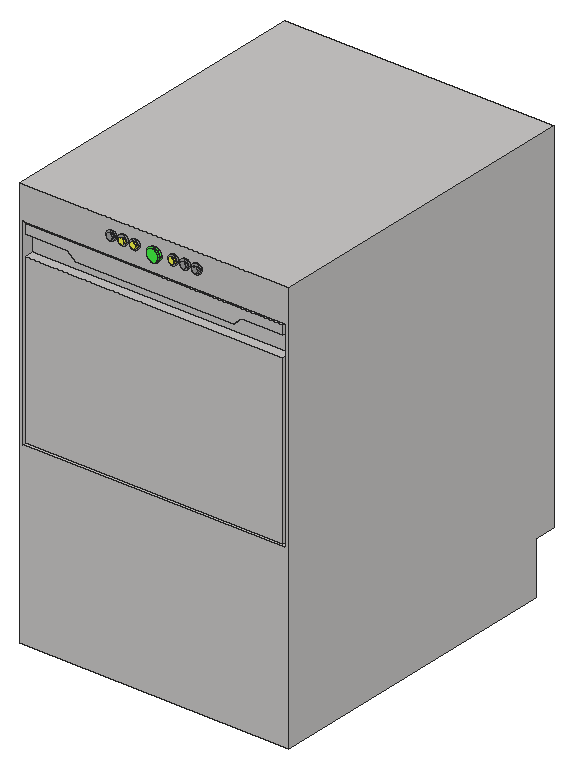
Revit family "QF_ZANUSSI_402206_ZSIG", category Specialty Equipment, Revit 2018
Family settings
  Round Connector Dimension = Use Diameter
  Part Type = Normal
  Work Plane-Based = No
  Always vertical = Yes
  Cut with Voids When Loaded = No
  Shared = No
  Room Calculation Point = No
Parameters (values of type "Standard")
  Weight = 37.00 kg
  Watts = 0 W
  Volts = 230 V
  URL Manufacturer = "http://professional.electrolux.com"
  URL = "http://professional.electrolux.com"
  Steam Supply Size = 0 mm
  Steam Supply Minimum Pressure = 0.0 Pa
  Steam Supply Maximum Pressure = 0.0 Pa
  Steam Pounds per Hour = 0
  Show Logo [instance] = yes
  Show Clearance [instance] = yes
  Refrigeration Suction Line Size = 0 mm
  Refrigeration Liquid Line Size = 0 mm
  Refrigerant Compressor Remote = yes
  Manufacturer = "Electrolux Professional"
  Phase = 1
  Model = "ESIG"
  Length Actual = 460 mm  # constant formula
  Item Number = "402202"
  Hot Water Size = 0 mm
  Height Actual = 715 mm  # constant formula
  HP = "3.1 HP"
  Gas Size = 0 mm
  Gas KW = 0
  Gas Input Pressure = 0 W
  Direct Waste Size = 27 mm
  Description = "GLASSWASHER(S) DOUBLE SKIN, DRAIN PUMP, DETERGENT DISPENSER, 30B/H"
  Depth Actual = 565 mm  # constant formula
  Cycle = 50 Hz
  Condensate Return Size = 0 mm
  Compressed Air Volume = 0.0 L/s
  Compressed Air Size = 0 mm
  Compressed Air Pressure = 0.0 Pa
  Cold Water Size = 19.05 mm
  Accessory = yes
Types (2, lengths in mm): name | URL | Manufacturer | Phase | Model | Description | Cold Water Size
  (no name) | "http://professional.electrolux.com/" | 0 | 0 | 0 | 0 | 0
  Standard | "http://professional.electrolux.com" | "Electrolux Professional" | 1 | "ESIG" | "GLASSWASHER(S) DOUBLE SKIN, DRAIN PUMP, DETERGENT DISPENSER, 30B/H" | 19.05
Values of the unnamed type that differ from the named types
  Volts = 0 V
  URL Manufacturer = ""
  Item Number = ""
  Cycle = 0 Hz
Reference planes
  plane 1 "Center (Front/Back)": y = 0
  plane 2: z = 0
  plane 3 "Center (Left/Right)": x = 0
  plane 4 "LEFT": x = -230
  plane 5 "RIGHT": x = 230
  plane 6 "FRONT": y = -282.5
  plane 7 "BACK": y = 282.5
  plane 8: x = -202.5
  plane 9: x = 202.5
  plane 10: z = 715
  plane 11: z = 10
Forms (mm)
  Extrusion 1, solid, material "QF_Finishes_Stainless Steel"
    sketch origin (0, 0, 0) x (1, 0, 0) y (0, 1, 0)
      loop
        line (-230, -282.5) -> (230, -282.5) -> (230, 243.5) -> (-230, 243.5) -> (-230, -282.5)
    from 10 to 715
  Extrusion 2, solid, material "QF_Finishes_Stainless Steel"
    sketch origin (0, 0, 0) x (1, 0, 0) y (0, 1, 0)
      loop
        line (-230, 243.5) -> (230, 243.5) -> (230, 282.5) -> (-230, 282.5) -> (-230, 243.5)
    from 100 to 715
  Extrusion 3, solid, material "QF_Finishes_Stainless Steel"
    sketch origin (0, 0, 0) x (1, 0, 0) y (0, 1, 0)
      loop
        circle (-202.5, 184.5) r 12.5
      loop
        circle (202.5, 184.5) r 12.5
      loop
        circle (-202.5, -235.5) r 12.5
      loop
        circle (202.5, -235.5) r 12.5
    from 0 to 10
  Extrusion 4, void
    sketch origin (-230, -282.5, 0) x (-1, 0, 0) y (0, 0, 1)
      loop
        line (-5, 658.217) -> (-455, 658.217) -> (-455, 315) -> (-5, 315) -> (-5, 658.217)
    from 0 to 30
  Extrusion 5, solid, material "QF_Finishes_Stainless Steel"
    sketch origin (-53, -392, 738) x (0, 0, -1) y (1, 0, 0)
      loop
        circle (693, 213) r 10
    from -635.5 to -674.5
  Extrusion 6, solid, material "QF_Door-Drawer Clearances", visible <- "Show Clearance", detail levels coarse
    sketch origin (-230, -282.5, 0) x (0, 1, 0) y (0, 0, -1)
      loop
        line (0, -315) -> (-315, -315)
        arc (-315, -315) -> (-223.2, -545.869) -> (0, -655) r 344.605
        line (0, -655) -> (0, -315)
    from -10 to -450
  Extrusion 7, solid, material "QF_Finishes_Stainless Steel"
    sketch origin (-242.481, -392, 738) x (0, 0, -1) y (1, 0, 0)
      loop
        circle (663, 322.481) r 8
    from -635.5 to -674.5
  Extrusion 8, solid, material "QF_Finishes_Green"
    sketch origin (234, -282.5, -28.75) x (-1, 0, 0) y (0, 0, -1)
      loop
        circle (234, -714.569) r 10
    from 0 to 5
  Extrusion 9, solid, material "QF_Finishes_Gray"
    sketch origin (234, -282.5, -24.375) x (-1, 0, 0) y (0, 0, -1)
      loop
        circle (306.936, -713.972) r 5
    from 0 to 5
  Extrusion 10, solid, material "QF_Finishes_Stainless Steel"
    sketch origin (-230, -282.5, 0) x (0, 1, 0) y (0, 0, -1)
      loop
        line (0, -319.622) -> (0, -605) -> (15, -605) -> (15, -655) -> (25, -655) -> (25, -319.622) -> (0, -319.622)
    from -10 to -450
  Extrusion 11, solid, material "QF_Finishes_Stainless Steel"
    sketch origin (-230, -282.5, 0) x (0, 1, 0) y (0, 0, -1)
      loop
        line (15, -655) -> (15, -652.514) -> (2.5, -652.514) -> (2.5, -626.25) -> (0, -626.25) -> (0, -655) -> (15, -655)
    from -10 to -450
  Extrusion 12, void
    sketch origin (-230, -282.5, 655) x (0, 0, 1) y (1, 0, 0)
      loop
        line (-15.552, 10) -> (-15.552, 81.607) -> (-28.75, 94.804) -> (-28.75, 10) -> (-15.552, 10)
      loop
        line (-15.552, 450) -> (-28.75, 450) -> (-28.75, 365.196) -> (-15.552, 378.393) -> (-15.552, 450)
    from 0 to 2.5
  Extrusion 13, solid, material "QF_Finishes_Stainless Steel"
    sketch origin (-328, -392, 738) x (0, 0, -1) y (1, 0, 0)
      loop
        circle (663, 228) r 8
    from -635.5 to -674.5
  Extrusion 14, solid, material "QF_Finishes_Green"
    sketch origin (-230, -282.5, 0) x (1, 0, 0) y (0, 0, 1)
      loop
        circle (230, 685.819) r 12
      loop
        circle (230, 685.819) r 10
    from 0 to 2.5
  Extrusion 15, solid, material "QF_Finishes_Gray"
    sketch origin (-210, -282.5, -28.75) x (1, 0, 0) y (0, 0, 1)
      loop
        circle (262.936, 718.347) r 8
      loop
        circle (262.936, 718.347) r 5
      loop
        circle (242.936, 718.347) r 8
      loop
        circle (242.936, 718.347) r 5
      loop
        circle (282.936, 718.347) r 8
      loop
        circle (282.936, 718.347) r 5
    from 0 to 2.5
  Extrusion 16, solid, material "QF_Finishes_Gray"
    sketch origin (-234, -282.5, -24.375) x (1, 0, 0) y (0, 0, 1)
      loop
        circle (286.936, 713.972) r 5
      loop
        circle (306.936, 713.972) r 5
    from 0 to 5
  Extrusion 17, solid, material "QF_Finishes_Gray"
    sketch origin (210, -282.5, -28.75) x (-1, 0, 0) y (0, 0, -1)
      loop
        circle (262.936, -718.347) r 8
      loop
        circle (262.936, -718.347) r 5
      loop
        circle (242.936, -718.347) r 8
      loop
        circle (242.936, -718.347) r 5
      loop
        circle (282.936, -718.347) r 8
      loop
        circle (282.936, -718.347) r 5
    from 0 to 2.5
  Extrusion 18, solid, material "QF_Finishes_Yellow"
    sketch origin (254, -282.5, -24.375) x (-1, 0, 0) y (0, 0, -1)
      loop
        circle (306.936, -713.972) r 5
    from 0 to 5
  Extrusion 19, solid, material "QF_Finishes_Yellow"
    sketch origin (274, -282.5, -24.375) x (-1, 0, 0) y (0, 0, -1)
      loop
        circle (306.936, -713.972) r 5
    from 0 to 5
  Extrusion 20, solid, material "QF_Finishes_Yellow"
    sketch origin (339.871, -282.5, -24.375) x (-1, 0, 0) y (0, 0, -1)
      loop
        circle (306.936, -713.972) r 5
    from 0 to 5
Cuts and joins
  Extrusion 4 cuts Extrusion 1
  joined: Extrusion 1, Extrusion 2
  Extrusion 12 cuts Extrusion 10
  Extrusion 12 cuts Extrusion 11
Lines and regions (mm)
  Split face 1
    outline origin (-230, -282.5, 715) x (0, 0, -1) y (1, 0, 0)
      loop
        line (35, 0) -> (35, 60) -> (49.142, 74.142) -> (49.142, 214.142) -> (11.456, 214.142)
        arc (11.456, 214.142) -> (9.82, 214.82) -> (9.142, 216.456) r 2.314
        line (9.142, 216.456) -> (9.142, 230) -> (9.142, 243.544)
        arc (9.142, 243.544) -> (9.82, 245.18) -> (11.456, 245.858) r 2.314
        line (11.456, 245.858) -> (49.142, 245.858) -> (49.142, 385.858) -> (35, 400) -> (35, 460)
      loop
        line (56.783, 5) -> (56.783, 0)
      loop
        line (56.783, 455) -> (56.783, 460)
  symbolic lines
    curve 1: line (-230, 282.5, 0) -> (230, 282.5, 0)
    curve 2: line (-230, -282.5, 0) -> (-230, 282.5, 0)
    curve 3: line (230, -282.5, 0) -> (-230, -282.5, 0)
    curve 4: line (230, 282.5, 0) -> (230, -282.5, 0)
    curve 9: line (-80.94, -285, 0) -> (-80.94, -282.5, 0)
    curve 10: line (-64.948, -285, 0) -> (-64.948, -282.5, 0)
    curve 11: line (-77.926, -287.5, 0) -> (-67.936, -287.5, 0)
    curve 12: line (-67.936, -287.5, 0) -> (-67.936, -285, 0)
    curve 13: line (-77.926, -287.5, 0) -> (-77.926, -285, 0)
    curve 14: line (-60.936, -285, 0) -> (-44.936, -285, 0)
    curve 15: line (-44.936, -285, 0) -> (-44.936, -282.5, 0)
    curve 16: line (-60.936, -285, 0) -> (-60.936, -282.5, 0)
    curve 17: line (-57.936, -287.5, 0) -> (-47.936, -287.5, 0)
    curve 18: line (-47.936, -287.5, 0) -> (-47.936, -285, 0)
    curve 19: line (-57.936, -287.5, 0) -> (-57.936, -285, 0)
    curve 20: line (-40.936, -285, 0) -> (-24.936, -285, 0)
    curve 21: line (-24.936, -285, 0) -> (-24.936, -282.5, 0)
    curve 22: line (-40.936, -285, 0) -> (-40.936, -282.5, 0)
    curve 23: line (-37.936, -287.5, 0) -> (-27.936, -287.5, 0)
    curve 24: line (-27.936, -287.5, 0) -> (-27.936, -285, 0)
    curve 25: line (-37.936, -287.5, 0) -> (-37.936, -285, 0)
    curve 26: line (24.936, -285, 0) -> (40.936, -285, 0)
    curve 27: line (40.936, -285, 0) -> (40.936, -282.5, 0)
    curve 28: line (27.936, -287.5, 0) -> (37.936, -287.5, 0)
    curve 29: line (37.936, -287.5, 0) -> (37.936, -285, 0)
    curve 30: line (27.936, -287.5, 0) -> (27.936, -285, 0)
    curve 31: line (24.936, -285, 0) -> (24.936, -282.5, 0)
    curve 32: line (-12, -285, 0) -> (12, -285, 0)
    curve 33: line (12, -285, 0) -> (12, -282.5, 0)
    curve 34: line (-12, -285, 0) -> (-12, -282.5, 0)
    curve 35: line (-10, -287.5, 0) -> (10, -287.5, 0)
    curve 36: line (10, -287.5, 0) -> (10, -285, 0)
    curve 37: line (-10, -287.5, 0) -> (-10, -285, 0)
    curve 39: line (44.936, -285, 0) -> (60.936, -285, 0)
    curve 40: line (60.936, -285, 0) -> (60.936, -282.5, 0)
    curve 41: line (47.936, -287.5, 0) -> (57.936, -287.5, 0)
    curve 42: line (57.936, -287.5, 0) -> (57.936, -285, 0)
    curve 43: line (47.936, -287.5, 0) -> (47.936, -285, 0)
    curve 44: line (44.936, -285, 0) -> (44.936, -282.5, 0)
    curve 45: line (64.936, -285, 0) -> (80.936, -285, 0)
    curve 46: line (80.936, -285, 0) -> (80.936, -282.5, 0)
    curve 47: line (67.936, -287.5, 0) -> (77.936, -287.5, 0)
    curve 48: line (77.936, -287.5, 0) -> (77.936, -285, 0)
    curve 49: line (67.936, -287.5, 0) -> (67.936, -285, 0)
    curve 50: line (64.936, -285, 0) -> (64.936, -282.5, 0)
  symbolic lines, style "QF_Door-Drawer Clearances"
    curve 5: line (-220, -597.5, 0) -> (220, -597.5, 0)
    curve 6: line (220, -597.5, 0) -> (220, -282.5, 0)
    curve 7: line (-220, -597.5, 0) -> (-220, -282.5, 0)
  symbolic lines, style "SpecialityEquipment"
    curve 8: line (-80.94, -285, 0) -> (-64.948, -285, 0)
  symbolic lines, style "SpecialityEquipmentHiddenLines"
    curve 38: line (-230, 243.5, 0) -> (230, 243.5, 0)
Dimensions and locks
  equal spacing: plane 4 "LEFT", plane 3 "Center (Left/Right)", plane 5 "RIGHT"
  equal spacing: plane 7 "BACK", plane 1 "Center (Front/Back)", plane 6 "FRONT"
  plane 7 "BACK" to plane 6 "FRONT" = 565 mm
  plane 4 "LEFT" to plane 5 "RIGHT" = 460 mm
  plane 4 "LEFT" to plane 8 = 27.5 mm
  plane 9 to plane 5 "RIGHT" = 27.5 mm
  locked: plane 11 to level at 10
  plane 4 "LEFT" to plane 3 "Center (Left/Right)" = 230 mm
  plane 10 to level = 715 mm  (x2)
  plane 8 to plane 9 = 405 mm
  level to Extrusion 13 sketch curve = 75 mm
  Extrusion 13 sketch curve to plane 4 "LEFT" = 130 mm
  level to Extrusion 5 sketch curve = 45 mm
  Extrusion 5 sketch curve to plane 4 "LEFT" = 390 mm
  Extrusion 7 sketch curve to plane 4 "LEFT" = 310 mm
  level to Extrusion 7 sketch curve = 75 mm
  locked: Extrusion 3 to cut or joined group of Extrusion 1, Extrusion 2, Extrusion 4 at 98
  Extrusion 3 to Extrusion 3 = 420 mm
  locked: plane 6 "FRONT" to Extrusion 3 at 47
  plane 9 to plane 8 = 405 mm
  plane 7 "BACK" to curve 5 = 880 mm
  cut or joined group of Extrusion 10, Extrusion 12 to cut or joined group of Extrusion 1, Extrusion 2, Extrusion 4 = 290 mm
  aligned and locked: level to plane 2
  aligned and locked: Extrusion 1 sketch curve to plane 6 "FRONT"
  aligned and locked: Extrusion 1 sketch curve to plane 4 "LEFT"
  aligned and locked: plane 5 "RIGHT" to Extrusion 1 sketch curve
  aligned and locked: Extrusion 1 to plane 11
  aligned and locked: Extrusion 2 sketch curve to Extrusion 1  (x2)
  aligned and locked: plane 7 "BACK" to Extrusion 2 sketch curve
  aligned and locked: plane 5 "RIGHT" to Extrusion 2 sketch curve
  aligned and locked: plane 11 to Extrusion 3
  aligned and locked: Extrusion 2 to Extrusion 5
  aligned and locked: Extrusion 2 to Extrusion 7
  aligned and locked: plane 7 "BACK" to Extrusion 7
  aligned and locked: plane 7 "BACK" to Extrusion 5
  aligned and locked: cut or joined group of Extrusion 11, Extrusion 12 to Extrusion 12
  aligned and locked: plane 10 to Extrusion 2
Automatic sketch dimensions
  curve 1 to plane 4 "LEFT" = 0 mm
  curve 7 to plane 6 "FRONT" = 0 mm
  curve 4 to plane 5 "RIGHT" = 0 mm
  curve 2 to plane 7 "BACK" = 0 mm
  plane 4 "LEFT" to curve 5 = 10 mm
  curve 8 to plane 6 "FRONT" = 2.5 mm
  curve 8 to plane 3 "Center (Left/Right)" = 80.94 mm
  curve 8 to curve 11 = 3.013 mm
  curve 11 to curve 11 = 9.991 mm
  curve 12 to curve 10 = 2.987 mm
  curve 8 to curve 16 = 4.013 mm
  curve 14 to curve 19 = 3 mm
  curve 17 to plane 6 "FRONT" = 5 mm
  curve 17 to curve 17 = 10 mm
  curve 18 to curve 14 = 3 mm
  curve 14 to curve 20 = 4 mm
  curve 20 to curve 25 = 3 mm
  curve 24 to plane 6 "FRONT" = 5 mm
  curve 23 to curve 24 = 10 mm
  curve 24 to curve 21 = 3 mm
  curve 34 to plane 6 "FRONT" = 2.5 mm
  curve 34 to plane 3 "Center (Left/Right)" = 12 mm
  curve 32 to curve 37 = 2 mm
  plane 3 "Center (Left/Right)" to curve 36 = 10 mm
  curve 36 to curve 33 = 2 mm
  curve 26 to plane 6 "FRONT" = 2.5 mm
  curve 32 to curve 26 = 12.936 mm
  curve 26 to curve 30 = 3 mm
  curve 28 to plane 6 "FRONT" = 5 mm
  curve 28 to curve 28 = 10 mm
  curve 29 to curve 27 = 3 mm
  curve 26 to curve 44 = 4 mm
  curve 39 to curve 43 = 3 mm
  curve 41 to plane 6 "FRONT" = 5 mm
  curve 41 to curve 41 = 10 mm
  curve 42 to curve 39 = 3 mm
  curve 39 to curve 50 = 4 mm
  curve 45 to curve 47 = 3 mm
  curve 47 to plane 6 "FRONT" = 5 mm
  curve 47 to curve 47 = 10 mm
  curve 48 to curve 45 = 3 mm
  curve 6 to plane 5 "RIGHT" = 10 mm
  curve 35 to curve 36 = 2.5 mm
  curve 11 to curve 13 = 2.5 mm
  curve 15 to plane 6 "FRONT" = 2.5 mm
  curve 20 to plane 6 "FRONT" = 2.5 mm
  curve 40 to plane 6 "FRONT" = 2.5 mm
  curve 45 to plane 6 "FRONT" = 2.5 mm
  curve 38 to plane 7 "BACK" = 39 mm
  Extrusion 1 sketch curve to plane 7 "BACK" = 39 mm
  Extrusion 3 sketch curve to plane 8 = 0 mm  (x2)
  Extrusion 3 sketch curve to plane 9 = 0 mm  (x2)
  plane 6 "FRONT" to Extrusion 3 sketch curve = 47 mm  (x2)
  Extrusion 3 sketch curve to plane 7 "BACK" = 98 mm  (x2)
  Extrusion 4 sketch curve to Extrusion 1 = 5 mm  (x2)
  Extrusion 4 sketch curve to Extrusion 1 = 305 mm
  Extrusion 4 sketch curve to Extrusion 1 = 56.783 mm
  Extrusion 6 sketch curve to plane 6 "FRONT" = 0 mm
  Extrusion 6 sketch curve to plane 6 "FRONT" = 315 mm
  plane 6 "FRONT" to Extrusion 6 sketch curve = 29.589 mm
  Extrusion 6 sketch curve to plane 10 = 60 mm
  plane 11 to Extrusion 6 sketch curve = 305 mm
  Extrusion 8 sketch curve to Extrusion 8 sketch curve = 0 mm  (x2)
  Extrusion 8 sketch curve to plane 3 "Center (Left/Right)" = 0 mm
  Extrusion 8 sketch curve to plane 10 = 29.181 mm
  plane 3 "Center (Left/Right)" to Extrusion 8 sketch curve = 10 mm
  Extrusion 9 sketch curve to Extrusion 9 sketch curve = 0 mm  (x2)
  Extrusion 9 sketch curve to plane 10 = 25.403 mm
  Extrusion 9 sketch curve to plane 3 "Center (Left/Right)" = 72.936 mm
  Extrusion 9 sketch curve to Extrusion 9 sketch curve = 5 mm
  Extrusion 10 sketch curve to plane 6 "FRONT" = 0 mm
  plane 6 "FRONT" to Extrusion 10 sketch curve = 15 mm
  Extrusion 10 sketch curve to Extrusion 10 sketch curve = 25 mm
  Extrusion 10 sketch curve to plane 10 = 60 mm
  Extrusion 10 sketch curve to Extrusion 10 sketch curve = 50 mm
  Extrusion 10 sketch curve to Extrusion 10 sketch curve = 285.378 mm
  Extrusion 11 sketch curve to plane 6 "FRONT" = 0 mm
  Extrusion 11 sketch curve to Extrusion 11 sketch curve = 2.5 mm
  Extrusion 11 sketch curve to Extrusion 11 sketch curve = 12.5 mm
  Extrusion 11 sketch curve to plane 10 = 60 mm
  Extrusion 11 sketch curve to Extrusion 11 sketch curve = 2.486 mm
  Extrusion 11 sketch curve to Extrusion 11 sketch curve = 26.264 mm
  Extrusion 12 sketch curve to Extrusion 11 = 0 mm  (x3)
  Extrusion 11 to Extrusion 12 sketch curve = 0 mm
  Extrusion 12 sketch curve to Extrusion 11 = 13.198 mm  (x2)
  Extrusion 12 sketch curve to Extrusion 11 = 71.607 mm
  Extrusion 12 sketch curve to Extrusion 12 sketch curve = 13.198 mm  (x2)
  Extrusion 12 sketch curve to Extrusion 11 = 84.804 mm
  Extrusion 14 sketch curve to Extrusion 14 sketch curve = 0 mm  (x2)
  Extrusion 1 to Extrusion 14 sketch curve = 29.181 mm
  Extrusion 1 to Extrusion 14 sketch curve = 230 mm
  Extrusion 15 sketch curve to Extrusion 15 sketch curve = 0 mm  (x8)
  plane 3 "Center (Left/Right)" to Extrusion 15 sketch curve = 32.936 mm
  Extrusion 15 sketch curve to Extrusion 15 sketch curve = 20 mm  (x2)
  Extrusion 15 sketch curve to plane 10 = 25.403 mm
  Extrusion 16 sketch curve to Extrusion 16 sketch curve = 0 mm  (x5)
  Extrusion 16 sketch curve to plane 10 = 25.403 mm
  plane 3 "Center (Left/Right)" to Extrusion 16 sketch curve = 52.936 mm
  Extrusion 16 sketch curve to Extrusion 16 sketch curve = 20 mm
  Extrusion 16 sketch curve to Extrusion 16 sketch curve = 5 mm  (x2)
  Split face 1 sketch curve to cut or joined group of Extrusion 1, Extrusion 2, Extrusion 4 = 0 mm  (x6)
  cut or joined group of Extrusion 1, Extrusion 2, Extrusion 4 to Split face 1 sketch curve = 0 mm  (x2)
  cut or joined group of Extrusion 1, Extrusion 2, Extrusion 4 to Split face 1 sketch curve = 7.641 mm  (x2)
  Split face 1 sketch curve to Split face 1 sketch curve = 14.142 mm  (x4)
  Split face 1 sketch curve to cut or joined group of Extrusion 1, Extrusion 2, Extrusion 4 = 11.456 mm  (x2)
  Split face 1 sketch curve to cut or joined group of Extrusion 1, Extrusion 2, Extrusion 4 = 9.142 mm
  Split face 1 sketch curve to cut or joined group of Extrusion 1, Extrusion 2, Extrusion 4 = 55 mm
  Split face 1 sketch curve to Split face 1 sketch curve = 140 mm
  Split face 1 sketch curve to Split face 1 sketch curve = 13.544 mm  (x2)
  Split face 1 sketch curve to cut or joined group of Extrusion 1, Extrusion 2, Extrusion 4 = 69.142 mm
  Extrusion 17 sketch curve to Extrusion 17 sketch curve = 0 mm  (x8)
  Extrusion 17 sketch curve to plane 3 "Center (Left/Right)" = 32.936 mm
  Extrusion 17 sketch curve to Extrusion 17 sketch curve = 20 mm  (x2)
  Extrusion 17 sketch curve to plane 10 = 25.403 mm
  Extrusion 18 sketch curve to Extrusion 18 sketch curve = 0 mm  (x2)
  Extrusion 18 sketch curve to plane 10 = 25.403 mm
  Extrusion 18 sketch curve to plane 3 "Center (Left/Right)" = 52.936 mm
  Extrusion 18 sketch curve to Extrusion 18 sketch curve = 5 mm
  Extrusion 19 sketch curve to Extrusion 19 sketch curve = 0 mm  (x2)
  Extrusion 19 sketch curve to plane 3 "Center (Left/Right)" = 32.936 mm
  Extrusion 19 sketch curve to plane 10 = 25.403 mm
  Extrusion 19 sketch curve to Extrusion 19 sketch curve = 5 mm
  Extrusion 20 sketch curve to Extrusion 20 sketch curve = 0 mm  (x2)
  plane 3 "Center (Left/Right)" to Extrusion 20 sketch curve = 32.936 mm
  Extrusion 20 sketch curve to plane 10 = 25.403 mm
  Extrusion 20 sketch curve to Extrusion 20 sketch curve = 5 mm
  radius of Extrusion 5 sketch curve = 10 mm
  radius of Extrusion 7 sketch curve = 8 mm
  radius of Extrusion 13 sketch curve = 8 mm
  radius of Extrusion 3 sketch curve = 12.5 mm  (x4)
  radius of Extrusion 14 sketch curve = 12 mm
  radius of Extrusion 14 sketch curve = 10 mm
  radius of Extrusion 15 sketch curve = 8 mm  (x3)
  radius of Extrusion 15 sketch curve = 5 mm  (x3)
  radius of Extrusion 17 sketch curve = 8 mm  (x3)
  radius of Extrusion 17 sketch curve = 5 mm  (x3)
Connectors
  piping at (160, 282.5, 45), diameter 20
    settings: on Extrusion 5, index 1, connector inside diameter 609.6 mm, connector length 0 mm, flow factor 0, pipe flow 0.0 L/s, pressure drop 0.0 Pa, fitting loss kfactor 0, connector angle 0.00°, fixture units 0, engagement length 0 mm, angle of deflection 0.00°, flow configuration 1, flow direction 1, fitting loss method 0, system type 16, joint type 0, gender type 0, connector reference index -1, connector utility 0, adjustable connector no, is connector primary yes, connector description "Drain"
  piping at (80, 282.5, 75), diameter 19.05, driven by "Cold Water Size"
    settings: on Extrusion 7, index 3, connector inside diameter 609.6 mm, connector length 0 mm, flow factor 0, pipe flow 0.0 L/s, pressure drop 0.0 Pa, fitting loss kfactor 0, connector angle 0.00°, fixture units 0, engagement length 0 mm, angle of deflection 0.00°, flow configuration 1, flow direction 1, fitting loss method 0, system type 20, joint type 0, gender type 0, connector reference index -1, connector utility 0, adjustable connector no, is connector primary no, connector description "Cold Water Inlet"
  electrical at (-100, 282.5, 75), driven by "Volts"
    settings: on Extrusion 13, index 4, voltage 230 V, apparent load 0 VA, apparent load phase1 0 VA, apparent load phase2 0 VA, apparent load phase3 0 VA, power factor 1, load classification "Altro", number of poles 1, system type 31, power factor state 1, is connector primary yes, connector utility no, sub classification motor no, connector description "Electrical Connection"
